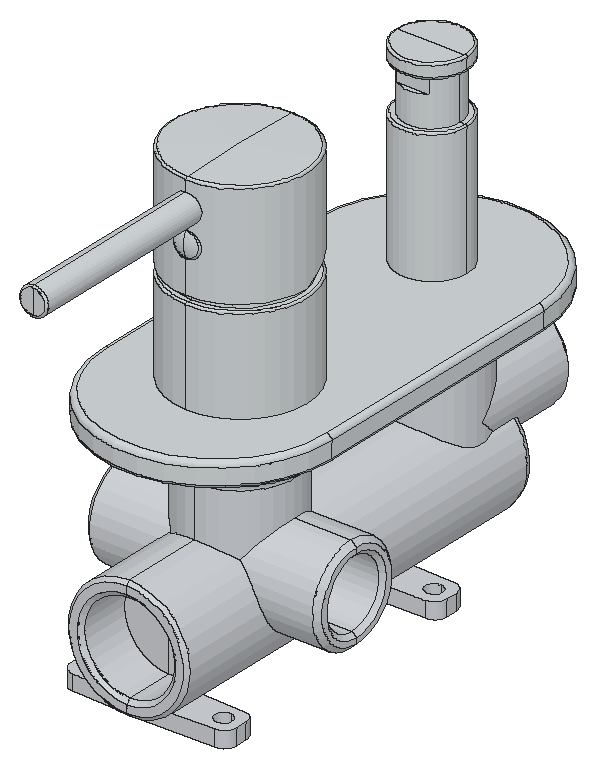
Revit family "Reece_Tap_Mizu_Drift_Shower Mixer_Diverter", category Plumbing Fixtures, host Face, Revit 2018
Family settings
  Host = Face
  Round Connector Dimension = Use Diameter
  Part Type = Normal
  Cut with Voids When Loaded = No
  Shared = Yes
  Room Calculation Point = Yes
Parameters (values of type "Brushed Nickel")
  WFU = 0  # constant formula
  URL = "https://www.reece.com.au/product/-2267408"
  Type Comments = "Tap"
  Reece_Tap_Outlet = 26 mm  # constant formula
  Reece_Tap_Inlet = 20 mm  # constant formula
  Reece_Product_Web Page = "https://www.reece.com.au/product/-2267408"
  Reece_Product_Type = "Tap"  # constant formula
  Reece_Product_Sub Brand = "Drift"  # constant formula
  Reece_Product_Number = "2267408"
  Reece_Product_Mount = "Wall Mounted"  # constant formula
  Reece_Product_Description = "Mizu Drift Shower Mixer with Diverter Kit Brushed Nickel"
  Reece_Product_Brand = "Mizu"  # constant formula
  Reece_Overall_Width = 65 mm  # constant formula
  Reece_Overall_Projection = 65.7 mm  # constant formula
  Reece_Overall_Height = 173 mm  # constant formula
  Reece_Material_Main = Reece_Brass_Brushed Nickel
  Reece_Detail_Installation = ""
  Reece_Detail_Disclaimer = "THIS FILE IS THE PROPERTY OF THE REECE GROUP. IT MAY NOT BE REPRODUCED, REVERSE-ENGINEERED, OR MODIFIED. ANY REPUBLICATION, TRANSMISSION, OR DISTRIBUTION FOR THE PURPOSE OF COMMERCIALLY EXPLOITING THE FILES IS PROHIBITED."  # constant formula
  Reece_Detail_Connector = ""
  Reece_Detail_Additional = "Diverter"  # constant formula
  Model = "Drift"
  Manufacturer = "Mizu"
  Keynote = "Product #2267408, Reece_Tap_Mizu_Drift_Shower Mixer_Diverter - Brushed Nickel"
  HWFU = 0  # constant formula
  Disclaimer = "THIS FILE IS THE PROPERTY OF THE REECE GROUP. IT MAY NOT BE REPRODUCED, REVERSE-ENGINEERED, OR MODIFIED. ANY REPUBLICATION, TRANSMISSION, OR DISTRIBUTION FOR THE PURPOSE OF COMMERCIALLY EXPLOITING THE FILES IS PROHIBITED."  # constant formula
  Description = "Mizu Drift Shower Mixer with Diverter Kit Brushed Nickel"
  Default Elevation = 1000 mm
  CWFU = 0  # constant formula
Types (5, lengths in mm): name | URL | Reece_Product_Web Page | Reece_Product_Number | Reece_Product_Description | Reece_Material_Main | Keynote | Description
  Brushed Nickel | "https://www.reece.com.au/product/-2267408" | "https://www.reece.com.au/product/-2267408" | "2267408" | "Mizu Drift Shower Mixer with Diverter Kit Brushed Nickel" | Reece_Brass_Brushed Nickel | "Product #2267408, Reece_Tap_Mizu_Drift_Shower Mixer_Diverter - Brushed Nickel" | "Mizu Drift Shower Mixer with Diverter Kit Brushed Nickel"
  Chrome | "https://www.reece.com.au/product/-2267406" | "https://www.reece.com.au/product/-2267406" | "2267406" | "Mizu Drift Shower Mixer with Diverter Kit Chrome" | Reece_Brass_Chrome | "Product #2267406, Reece_Tap_Mizu_Drift_Shower Mixer_Diverter - Chrome" | "Mizu Drift Shower Mixer with Diverter Kit Chrome"
  Matte Black | "https://www.reece.com.au/product/-2267407" | "https://www.reece.com.au/product/-2267407" | "2267407" | "Mizu Drift Shower Mixer with Diverter Kit Matte Black" | Reece_Brass_Matte Black | "Product #2267407, Reece_Tap_Mizu_Drift_Shower Mixer_Diverter - Matte Black" | "Mizu Drift Shower Mixer with Diverter Kit Matte Black"
  Brushed Gunmetal | "https://www.reece.com.au/product/-2267409" | "https://www.reece.com.au/product/-2267409" | "2267409" | "Mizu Drift Shower Mixer with Diverter Kit Brushed Gunmetal" | Reece_Brass_Brushed Gunmetal | "Product #2267409, Reece_Tap_Mizu_Drift_Shower Mixer_Diverter - Brushed Gunmetal" | "Mizu Drift Shower Mixer with Diverter Kit Brushed Gunmetal"
  Brushed Brass | "https://www.reece.com.au/product/-2267410" | "https://www.reece.com.au/product/-2267410" | "2267410" | "Mizu Drift Shower Mixer with Diverter Kit Brushed Brass" | Reece_Brass_Brushed | "Product #2267410, Reece_Tap_Mizu_Drift_Shower Mixer_Diverter - Brushed Brass" | "Mizu Drift Shower Mixer with Diverter Kit Brushed Brass"
Reference planes
  plane 1 "Center (Front/Back)": y = 0
  plane 2: z = 0
  plane 3 "Center (Left/Right)": x = 0
  plane 4: y = -29.5
  plane 5: z = 65.7
  plane 6: x = -32.5
  plane 7: x = 32.5
  plane 8: y = 70
  plane 9: y = -70
  plane 10: y = -103
Forms (mm)
  Revolve 1, solid, material "Reece_Brass_Brushed Nickel" <- "Reece_Material_Main"
    sketch origin (0.055, -29.5, -130.916) x (0.000194, 1, 0) y (0, 0, 1)
      loop
        arc (-18.5, 164.416) -> (-18.854, 164.27) -> (-19, 163.916) r 0.5
        line (-19, 163.916) -> (-19, 130.916) -> (0, 130.916) -> (0, 181.416)
        arc (0, 181.416) -> (-12.021, 176.437) -> (-17, 164.416) r 17
        line (-17, 164.416) -> (-18.5, 164.416)
      axis (0, 181.416) -> (0, 130.916)
    angle from 0 to 360
  Extrusion 2, void
    sketch origin (0.056, -23.873, 45.222) x (-0.000177, -0.91357, -0.406681) y (1, -0.000194, 0)
      loop
        line (39.237, 24.5) -> (-51.116, 24.5) -> (-51.116, -24.5) -> (39.237, -24.5) -> (39.237, 24.5)
    from -20.185 to -6.612
  Revolve 3, solid, material "Reece_Brass_Brushed Nickel" <- "Reece_Material_Main"
    sketch origin (0.055, -29.5, -118.637) x (0.000194, 1, 0) y (0, 0, 1)
      loop
        line (-73.215, 176.258) -> (-11.215, 176.258) -> (-11.215, 179.458) -> (-12.015, 180.258) -> (-72.715, 180.258)
        arc (-72.715, 180.258) -> (-73.069, 180.112) -> (-73.215, 179.758) r 0.5
        line (-73.215, 179.758) -> (-73.215, 176.258)
      axis (-11.215, 176.258) -> (-73.215, 176.258)
    angle from 0 to 360
  Revolve 4, solid, material "Reece_Brass_Brushed Nickel" <- "Reece_Material_Main"
    sketch origin (0.055, -29.5, -118.637) x (0.000194, 1, 0) y (0, 0, 1)
      loop
        arc (-18.424, 183.971) -> (-18.833, 183.787) -> (-19, 183.371) r 0.6
        line (-19, 183.371) -> (-19, 154.116) -> (-17.998, 154.116) -> (-17.5, 161.235) -> (-17.5, 164.116) -> (0, 164.116) -> (0, 184.337)
        arc (0, 184.337) -> (-9.214, 184.245) -> (-18.424, 183.971) r 466.11
      axis (0, 184.337) -> (0, 154.116)
    angle from 0 to 360
  Revolve 5, void
    sketch origin (0, 0, 0) x (0, -1, 0) y (0, 0, 1)
      loop
        line (-38.5, 11.25) -> (-54.5, 11.25) -> (-54.5, -48.75) -> (-38.5, -48.75) -> (-38.5, 11.25)
      axis (-38.5, -48.75) -> (-38.5, 11.25)
    angle from 0 to 360
  Revolve 6, solid, material "Reece_Brass_Brushed Nickel" <- "Reece_Material_Main"
    sketch origin (0.055, -28.588, -121.251) x (-0.000194, -1, 0) y (0, 0, -1)
      loop
        arc (19.269, -173.642) -> (19.651, -173.532) -> (19.915, -173.234) r 0.716
        arc (19.915, -173.234) -> (20.503, -171.536) -> (20.702, -169.75) r 8.104
        line (20.702, -169.75) -> (16.178, -169.75) -> (16.178, -173.642) -> (19.269, -173.642)
      axis (16.178, -169.75) -> (20.702, -169.75)
    angle from 0 to 360
  Revolve 7, void
    sketch origin (0.055, -28.588, -121.251) x (-0.000194, -1, 0) y (0, 0, -1)
      loop
        arc (20.458, -173.621) -> (20.84, -173.51) -> (21.104, -173.213) r 0.716
        arc (21.104, -173.213) -> (21.689, -171.525) -> (21.891, -169.75) r 8.104
        line (21.891, -169.75) -> (17.922, -169.75) -> (17.922, -173.621) -> (20.458, -173.621)
      axis (17.922, -169.75) -> (21.891, -169.75)
    angle from 0 to 360
  Extrusion 8, solid, material "Reece_Brass_Brushed Nickel" <- "Reece_Material_Main"
    sketch origin (0, 0, 0) x (0, -1, 0) y (1, 0, 0)
      loop
        arc (-37.5, 27.5) -> (-65, 0) -> (-37.5, -27.5) r 27.5
        line (-37.5, -27.5) -> (37.5, -27.5)
        arc (37.5, -27.5) -> (65, 0) -> (37.5, 27.5) r 27.5
        line (37.5, 27.5) -> (-37.5, 27.5)
      loop
        circle (29.5, 0.055) r 19
      loop
        circle (-38.5, 0) r 10
    from 0 to 6.5
  Sweep 9, solid, material "Reece_Brass_Brushed Nickel" <- "Reece_Material_Main"
    path origin (0, 0, 0) x (0, -1, 0) y (1, 0, 0)
      loop
        line (-37.5, -32.5) -> (37.5, -32.5)
        arc (37.5, -32.5) -> (70, 0) -> (37.5, 32.5) r 32.5
        line (37.5, 32.5) -> (-37.5, 32.5)
        arc (-37.5, 32.5) -> (-70, 0) -> (-37.5, -32.5) r 32.5
    profile origin (-32.5, 0, 0) x (1, 0, 0) y (0, 0, 1)
      loop
        line (0, 5) -> (0, 0.5)
        arc (0, 0.5) -> (0.146, 0.146) -> (0.5, 0) r 0.5
        line (0.5, 0) -> (5, 0) -> (5, 6.5) -> (1.5, 6.5)
        arc (1.5, 6.5) -> (0.439, 6.061) -> (0, 5) r 1.5
  Revolve 10, solid, material "Reece_Brass_Brushed Nickel" <- "Reece_Material_Main"
    sketch origin (38.5, 38.5, 0) x (-1, 0, 0) y (0, 0, 1)
      loop
        line (38.5, 61.621) -> (29, 61.621)
        arc (29, 61.621) -> (28.646, 61.475) -> (28.5, 61.121) r 0.5
        line (28.5, 61.121) -> (28.5, 58.121)
        arc (28.5, 58.121) -> (28.646, 57.768) -> (29, 57.621) r 0.5
        line (29, 57.621) -> (30, 57.621)
        arc (30, 57.621) -> (30.354, 57.475) -> (30.5, 57.121) r 0.5
        line (30.5, 57.121) -> (30.5, 43.971) -> (29, 43.971)
        arc (29, 43.971) -> (28.646, 43.825) -> (28.5, 43.471) r 0.5
        line (28.5, 43.471) -> (28.5, 0) -> (38.5, 0) -> (38.5, 61.621)
      axis (38.5, 0) -> (38.5, 61.621)
    angle from 0 to 360
  Extrusion 11, void
    sketch origin (38.5, 38.5, 9.471) x (-1, 0, 0) y (0, 0, 1)
      loop
        line (43.164, 43.15) -> (43.164, 48.15) -> (33.836, 48.15) -> (33.836, 43.15) -> (43.164, 43.15)
    from 6.5 to 12
  Extrusion 12, void
    sketch origin (38.5, 38.5, 9.471) x (-1, 0, 0) y (0, 0, -1)
      loop
        line (43.164, -43.15) -> (33.836, -43.15) -> (33.836, -48.15) -> (43.164, -48.15) -> (43.164, -43.15)
    from 6.5 to 12
  Revolve 13, solid
    sketch origin (0, -12.5, 5) x (0, 1, 0) y (0, 0, -1)
      loop
        line (68, 35) -> (68, 44.75) -> (81.8, 44.75) -> (83, 45.95) -> (83, 47.75) -> (81.5, 49.25) -> (51, 49.25) -> (51, 35) -> (68, 35)
      axis (83, 35) -> (51, 35)
    angle from 0 to 360
  Revolve 14, solid
    sketch origin (0, -11.5, 0) x (0, -1, 0) y (0, 0, 1)
      loop
        line (-50, 0) -> (-50, -48.75) -> (-35.75, -48.75) -> (-35.75, -15.5)
        arc (-35.75, -15.5) -> (-34.475, -14.393) -> (-34, -12.773) r 3
        line (-34, -12.773) -> (-34, -8.5) -> (-35, -7.5) -> (-38.85, -7.5) -> (-38.85, 0) -> (-50, 0)
      axis (-50, -48.75) -> (-50, 0)
    angle from 0 to 360
  Extrusion 15, solid
    sketch origin (0, -33.75, -12.75) x (0, -1, 0) y (1, 0, 0)
      loop
        line (-44.179, 0) -> (-44.882, 20.122)
        arc (-44.882, 20.122) -> (-45.949, 22.518) -> (-48.38, 23.5) r 3.5
        line (-48.38, 23.5) -> (-51.62, 23.5)
        arc (-51.62, 23.5) -> (-54.051, 22.518) -> (-55.118, 20.122) r 3.5
        line (-55.118, 20.122) -> (-55.821, 0) -> (-55.118, -20.122)
        arc (-55.118, -20.122) -> (-54.051, -22.518) -> (-51.62, -23.5) r 3.5
        line (-51.62, -23.5) -> (-48.38, -23.5)
        arc (-48.38, -23.5) -> (-45.949, -22.518) -> (-44.882, -20.122) r 3.5
        line (-44.882, -20.122) -> (-44.179, 0)
      loop
        circle (-50, 18.5) r 2.5
      loop
        circle (-50, -18.5) r 2.5
    from -52.75 to -48.3
  Revolve 16, solid
    sketch origin (0, -12.089, -13.5) x (0, -1, 0) y (0, 0, 1)
      loop
        line (-62.839, -49) -> (56.411, -49) -> (57.411, -48) -> (57.411, -45.7) -> (56.211, -44.5) -> (42.411, -44.5) -> (42.411, -31.75) -> (-64.839, -31.75) -> (-64.839, -47)
        arc (-64.839, -47) -> (-64.253, -48.414) -> (-62.839, -49) r 2
      axis (57.411, -31.75) -> (-64.839, -31.75)
    angle from 0 to 360
  Revolve 17, solid
    sketch origin (7.086, -29.504, -37.45) x (-1, 0, 0) y (0, 0, 1)
      loop
        line (8.163, -13.75) -> (38.586, -13.75) -> (40.086, -12.25) -> (40.086, -10.7) -> (38.886, -9.5) -> (25.086, -9.5) -> (25.086, 0) -> (8.163, 0) -> (8.163, -13.75)
      axis (8.163, 0) -> (40.086, 0)
    angle from 0 to 360
  Revolve 18, solid
    sketch origin (0, 0, 0) x (0, 1, 0) y (0, 0, 1)
      loop
        line (-48.5, -8) -> (-49.5, -8) -> (-49.5, -9.175)
        arc (-49.5, -9.175) -> (-49.09, -10.205) -> (-48.083, -10.672) r 1.5
        arc (-48.083, -10.672) -> (-46.071, -11.606) -> (-45.25, -13.668) r 3
        line (-45.25, -13.668) -> (-45.25, -37.25) -> (-29.5, -37.25) -> (-29.5, -0.7) -> (-48.5, -0.7) -> (-48.5, -8)
      axis (-29.5, -37.25) -> (-29.5, -0.7)
    angle from 0 to 360
  Extrusion 19, solid
    sketch origin (0, -108.25, -12.75) x (0, -1, 0) y (1, 0, 0)
      loop
        line (-44.179, 0) -> (-44.882, 20.122)
        arc (-44.882, 20.122) -> (-45.949, 22.518) -> (-48.38, 23.5) r 3.5
        line (-48.38, 23.5) -> (-51.62, 23.5)
        arc (-51.62, 23.5) -> (-54.051, 22.518) -> (-55.118, 20.122) r 3.5
        line (-55.118, 20.122) -> (-55.821, 0) -> (-55.118, -20.122)
        arc (-55.118, -20.122) -> (-54.051, -22.518) -> (-51.62, -23.5) r 3.5
        line (-51.62, -23.5) -> (-48.38, -23.5)
        arc (-48.38, -23.5) -> (-45.949, -22.518) -> (-44.882, -20.122) r 3.5
        line (-44.882, -20.122) -> (-44.179, 0)
      loop
        circle (-50, 18.5) r 2.5
      loop
        circle (-50, -18.5) r 2.5
    from -52.75 to -48.3
  Revolve 20, solid
    sketch origin (-6.975, -29.502, -37.45) x (1, -0.000388, 0) y (0, 0, -1)
      loop
        line (8.163, 13.75) -> (8.163, 0) -> (25.086, 0) -> (25.086, 9.5) -> (38.886, 9.5) -> (40.086, 10.7) -> (40.086, 12.25) -> (38.586, 13.75) -> (8.163, 13.75)
      axis (8.163, 0) -> (40.086, 0)
    angle from 0 to 360
  Revolve 21, void
    sketch origin (0, 0, 0) x (0, 1, 0) y (0, 0, 1)
      loop
        line (-49.5, 6.5) -> (-49.5, -37.25) -> (-29.5, -37.25) -> (-29.5, 6.5) -> (-49.5, 6.5)
      axis (-29.5, 6.5) -> (-29.5, -37.25)
    angle from 0 to 360
Cuts and joins
  Extrusion 2, Revolve 7 cuts Revolve 4
  joined: Revolve 3, Revolve 4
  Extrusion 11, Extrusion 12 cuts Revolve 10
  joined: Extrusion 8, Sweep 9
  joined: Revolve 13, Revolve 14, Extrusion 15, Revolve 16, Revolve 17, Revolve 18, Extrusion 19, Revolve 20
Lines and regions (mm)
  reference lines
    curve 1: line (0.05, -57.169, 23.162) -> (0.064, 13.817, 54.762)
Text (mm)
  text "Reece Copyright © 2018, Reece Ltd." at (-372.385, -195.021, 0), in view "Ref. Level"
  text "Reece ©" at (68.468, 181.317, 90.629), in view "Reece Preview"
Dimensions and locks
  Revolve 1 sketch curve to Revolve 1 sketch curve = 19 mm
  Extrusion 2 sketch curve to Extrusion 2 sketch curve = 49 mm
  locked: Revolve 3 sketch curve to Revolve 3 sketch curve at 4
  "Reece_Overall_Projection": plane 5 to level
  "Reece_Overall_Width": plane 6 to plane 7
  "Reece_Overall_Height": plane 10 to plane 8
  aligned and locked: plane 2 to host face
  aligned and locked: level to host face
Automatic sketch dimensions
  host sketch curve to host sketch curve = 380.785 mm
  host sketch curve to host sketch curve = 317.421 mm
  Revolve 1 sketch curve to level = 0 mm
  Revolve 1 sketch curve to Revolve 1 sketch curve = 0.5 mm
  Revolve 1 sketch curve to Revolve 1 sketch curve = 1.5 mm
  Revolve 1 sketch curve to Revolve 1 sketch curve = 17 mm
  Revolve 1 sketch curve to plane 5 = 32.7 mm
  Revolve 1 sketch curve to Revolve 1 sketch curve = 471.726 mm
  plane 5 to Revolve 1 sketch curve = 2276.254 mm
  Extrusion 2 sketch curve to Extrusion 2 sketch curve = 90.354 mm
  Revolve 3 sketch curve to plane 5 = 8.079 mm
  Revolve 3 sketch curve to Revolve 3 sketch curve = 0.5 mm
  Revolve 3 sketch curve to Revolve 3 sketch curve = 60.7 mm
  Revolve 3 sketch curve to Revolve 3 sketch curve = 0.8 mm  (x2)
  Revolve 3 sketch curve to Revolve 3 sketch curve = 1.412 mm
  Revolve 3 sketch curve to Revolve 3 sketch curve = 11.402 mm
  Revolve 3 sketch curve to Revolve 3 sketch curve = 0 mm
  Revolve 4 sketch curve to plane 5 = 0 mm
  Revolve 4 sketch curve to plane 5 = 30.221 mm
  Revolve 4 sketch curve to Revolve 4 sketch curve = 0.6 mm
  Revolve 4 sketch curve to Revolve 4 sketch curve = 1.002 mm
  Revolve 4 sketch curve to Revolve 4 sketch curve = 0.498 mm
  Revolve 4 sketch curve to Revolve 4 sketch curve = 18.4 mm
  Revolve 4 sketch curve to Revolve 4 sketch curve = 18.053 mm
  Revolve 4 sketch curve to level = 400.41 mm
  Revolve 4 sketch curve to Revolve 4 sketch curve = 7.119 mm
  Revolve 4 sketch curve to Revolve 4 sketch curve = 2.881 mm
  Revolve 4 sketch curve to plane 5 = 0.966 mm
  Revolve 4 sketch curve to Revolve 4 sketch curve = 0.055 mm
  Revolve 4 sketch curve to Revolve 4 sketch curve = 59.037 mm
  Revolve 4 sketch curve to Revolve 4 sketch curve = 2237.527 mm
  Revolve 5 sketch curve to plane 1 "Center (Front/Back)" = 54.5 mm
  Revolve 5 sketch curve to Revolve 5 sketch curve = 16 mm
  Revolve 5 sketch curve to level = 48.75 mm
  level to Revolve 5 sketch curve = 11.25 mm
  Revolve 5 sketch curve to Revolve 5 sketch curve = 0 mm
  Revolve 5 sketch curve to Revolve 5 sketch curve = 17.25 mm
  Revolve 5 sketch curve to level = 4.525 mm
  Revolve 6 sketch curve to plane 5 = 17.201 mm
  Revolve 6 sketch curve to Revolve 6 sketch curve = 3.58 mm
  Revolve 6 sketch curve to Revolve 6 sketch curve = 3.091 mm
  Revolve 6 sketch curve to Revolve 6 sketch curve = 1.433 mm
  Revolve 6 sketch curve to Revolve 6 sketch curve = 3.177 mm
  Revolve 6 sketch curve to Revolve 6 sketch curve = 0.716 mm
  Revolve 6 sketch curve to Revolve 6 sketch curve = 0.925 mm
  Revolve 6 sketch curve to Revolve 6 sketch curve = 4.804 mm
  Revolve 6 sketch curve to Revolve 6 sketch curve = 0 mm
  Revolve 7 sketch curve to plane 5 = 17.223 mm
  Revolve 7 sketch curve to Revolve 7 sketch curve = 4.135 mm
  Revolve 7 sketch curve to Revolve 7 sketch curve = 2.536 mm
  Revolve 7 sketch curve to Revolve 7 sketch curve = 1.433 mm
  Revolve 7 sketch curve to Revolve 7 sketch curve = 0.021 mm  (x2)
  Revolve 7 sketch curve to Revolve 7 sketch curve = 3.155 mm
  Revolve 7 sketch curve to Revolve 7 sketch curve = 0.716 mm
  Revolve 7 sketch curve to Revolve 7 sketch curve = 0.264 mm
  Revolve 7 sketch curve to Revolve 7 sketch curve = 3.615 mm
  Extrusion 8 sketch curve to Extrusion 8 sketch curve = 0 mm  (x4)
  Extrusion 8 sketch curve to plane 3 "Center (Left/Right)" = 0 mm  (x2)
  plane 4 to Extrusion 8 sketch curve = 0 mm
  Extrusion 8 sketch curve to plane 1 "Center (Front/Back)" = 37.5 mm
  Extrusion 8 sketch curve to Extrusion 8 sketch curve = 1 mm
  plane 4 to Extrusion 8 sketch curve = 8 mm
  plane 6 to Extrusion 8 sketch curve = 5 mm
  plane 3 "Center (Left/Right)" to Extrusion 8 sketch curve = 0.055 mm
  Extrusion 8 sketch curve to Extrusion 8 sketch curve = 9 mm
  Extrusion 8 sketch curve to Extrusion 8 sketch curve = 8.556 mm
  Sweep 9 sketch curve to plane 7 = 0 mm  (x3)
  Sweep 9 sketch curve to plane 6 = 0 mm
  Sweep 9 sketch curve to plane 1 "Center (Front/Back)" = 37.5 mm
  plane 4 to Sweep 9 sketch curve = 8 mm
  Sweep 9 sketch curve to Sweep 9 sketch curve = 0 mm  (x2)
  profile plane to Sweep 9 sketch curve = 0 mm
  Sweep 9 sketch curve to level = 0 mm
  Sweep 9 sketch curve to profile plane = 0.5 mm
  Sweep 9 sketch curve to profile plane = 1.5 mm
  Sweep 9 sketch curve to Sweep 9 sketch curve = 3.5 mm
  Sweep 9 sketch curve to Sweep 9 sketch curve = 4.5 mm
  Revolve 10 sketch curve to level = 0 mm
  Revolve 10 sketch curve to plane 3 "Center (Left/Right)" = 0 mm  (x2)
  plane 3 "Center (Left/Right)" to Revolve 10 sketch curve = 8 mm
  Revolve 10 sketch curve to Revolve 10 sketch curve = 0.5 mm  (x3)
  Revolve 10 sketch curve to Revolve 10 sketch curve = 1.5 mm
  Revolve 10 sketch curve to Revolve 10 sketch curve = 1 mm
  Revolve 10 sketch curve to Revolve 10 sketch curve = 0 mm
  Revolve 10 sketch curve to plane 5 = 22.229 mm
  Revolve 10 sketch curve to plane 5 = 8.579 mm
  Revolve 10 sketch curve to Revolve 10 sketch curve = 3 mm
  Revolve 10 sketch curve to Revolve 10 sketch curve = 52.868 mm
  Revolve 10 sketch curve to Revolve 10 sketch curve = 8.471 mm
  plane 3 "Center (Left/Right)" to Extrusion 11 sketch curve = 4.664 mm
  Extrusion 11 sketch curve to plane 3 "Center (Left/Right)" = 4.664 mm
  Extrusion 11 sketch curve to plane 5 = 13.079 mm
  Extrusion 11 sketch curve to Extrusion 11 sketch curve = 5 mm
  plane 3 "Center (Left/Right)" to Extrusion 12 sketch curve = 4.664 mm
  Extrusion 12 sketch curve to plane 3 "Center (Left/Right)" = 4.664 mm
  Extrusion 12 sketch curve to plane 5 = 8.079 mm
  Extrusion 12 sketch curve to Extrusion 12 sketch curve = 5 mm
  Revolve 13 sketch curve to plane 1 "Center (Front/Back)" = 38.5 mm
  Revolve 13 sketch curve to Revolve 13 sketch curve = 17 mm
  Revolve 13 sketch curve to Revolve 13 sketch curve = 13.5 mm
  Revolve 13 sketch curve to Revolve 13 sketch curve = 0.3 mm
  Revolve 13 sketch curve to Revolve 13 sketch curve = 1.5 mm  (x2)
  Revolve 13 sketch curve to level = 30 mm
  Revolve 13 sketch curve to Revolve 13 sketch curve = 9.75 mm
  Revolve 13 sketch curve to Revolve 13 sketch curve = 1.2 mm
  Revolve 13 sketch curve to Revolve 13 sketch curve = 1.8 mm
  Revolve 13 sketch curve to Revolve 13 sketch curve = 14.25 mm
  Revolve 13 sketch curve to Revolve 13 sketch curve = 4.663 mm
  Revolve 13 sketch curve to Revolve 13 sketch curve = 25.491 mm
  Revolve 13 sketch curve to Revolve 13 sketch curve = 10.95 mm
  Revolve 14 sketch curve to level = 0 mm
  Revolve 14 sketch curve to plane 1 "Center (Front/Back)" = 38.5 mm
  Revolve 14 sketch curve to Revolve 14 sketch curve = 11.15 mm
  Revolve 14 sketch curve to Revolve 14 sketch curve = 1.85 mm
  Revolve 14 sketch curve to Revolve 14 sketch curve = 1.25 mm
  Revolve 14 sketch curve to level = 7.5 mm
  Revolve 14 sketch curve to Revolve 14 sketch curve = 3.85 mm
  Revolve 14 sketch curve to Revolve 14 sketch curve = 3 mm
  Revolve 14 sketch curve to Revolve 14 sketch curve = 1 mm
  Revolve 14 sketch curve to Revolve 14 sketch curve = 4.273 mm
  Revolve 14 sketch curve to Revolve 14 sketch curve = 33.25 mm
  Revolve 14 sketch curve to Revolve 14 sketch curve = 0 mm
  Revolve 14 sketch curve to Revolve 14 sketch curve = 17.25 mm
  Revolve 14 sketch curve to level = 4.525 mm
  Extrusion 15 sketch curve to plane 3 "Center (Left/Right)" = 0 mm  (x2)
  Extrusion 15 sketch curve to plane 1 "Center (Front/Back)" = 22.071 mm
  Extrusion 15 sketch curve to Extrusion 15 sketch curve = 0.703 mm  (x2)
  plane 6 to Extrusion 15 sketch curve = 12.378 mm
  Extrusion 15 sketch curve to Extrusion 15 sketch curve = 3.498 mm  (x4)
  Extrusion 15 sketch curve to Extrusion 15 sketch curve = 1.62 mm  (x2)
  Extrusion 15 sketch curve to Extrusion 15 sketch curve = 3.24 mm  (x2)
  Extrusion 15 sketch curve to plane 1 "Center (Front/Back)" = 10.429 mm
  Extrusion 15 sketch curve to Extrusion 15 sketch curve = 3.378 mm  (x2)
  Extrusion 15 sketch curve to Extrusion 15 sketch curve = 1.5 mm  (x3)
  plane 7 to Extrusion 15 sketch curve = 14 mm
  Extrusion 15 sketch curve to Extrusion 15 sketch curve = 0.122 mm
  Revolve 16 sketch curve to plane 1 "Center (Front/Back)" = 52.75 mm
  Revolve 16 sketch curve to Revolve 16 sketch curve = 2 mm
  Revolve 16 sketch curve to Revolve 16 sketch curve = 0 mm
  plane 4 to Revolve 16 sketch curve = 25 mm
  Revolve 16 sketch curve to Revolve 16 sketch curve = 13.8 mm
  Revolve 16 sketch curve to Revolve 16 sketch curve = 0.2 mm
  Revolve 16 sketch curve to Revolve 16 sketch curve = 1.2 mm
  Revolve 16 sketch curve to level = 62.5 mm  (x2)
  Revolve 16 sketch curve to Revolve 16 sketch curve = 1 mm
  Revolve 16 sketch curve to Revolve 16 sketch curve = 2.3 mm
  Revolve 16 sketch curve to Revolve 16 sketch curve = 4.5 mm
  Revolve 16 sketch curve to Revolve 16 sketch curve = 15.25 mm
  Revolve 16 sketch curve to Revolve 16 sketch curve = 0.549 mm
  Revolve 16 sketch curve to Revolve 16 sketch curve = 52.828 mm
  Revolve 16 sketch curve to Revolve 16 sketch curve = 12.75 mm
  Revolve 17 sketch curve to plane 3 "Center (Left/Right)" = 1.078 mm
  plane 6 to Revolve 17 sketch curve = 14.5 mm
  plane 6 to Revolve 17 sketch curve = 1 mm
  plane 6 to Revolve 17 sketch curve = 0.7 mm
  Revolve 17 sketch curve to plane 6 = 0.5 mm
  Revolve 17 sketch curve to level = 51.2 mm
  Revolve 17 sketch curve to Revolve 17 sketch curve = 1.5 mm
  Revolve 17 sketch curve to Revolve 17 sketch curve = 1.55 mm
  Revolve 17 sketch curve to Revolve 17 sketch curve = 4.25 mm
  Revolve 17 sketch curve to Revolve 17 sketch curve = 9.5 mm  (x2)
  plane 3 "Center (Left/Right)" to Revolve 17 sketch curve = 7.086 mm
  Revolve 17 sketch curve to plane 6 = 0.414 mm
  Revolve 18 sketch curve to plane 4 = 0 mm  (x2)
  plane 4 to Revolve 18 sketch curve = 15.75 mm
  Revolve 18 sketch curve to Revolve 18 sketch curve = 2.75 mm
  Revolve 18 sketch curve to Revolve 18 sketch curve = 3 mm
  Revolve 18 sketch curve to level = 0.7 mm
  Revolve 18 sketch curve to Revolve 18 sketch curve = 0.5 mm
  Revolve 18 sketch curve to Revolve 18 sketch curve = 1 mm
  Revolve 18 sketch curve to Revolve 18 sketch curve = 7.3 mm
  Revolve 18 sketch curve to Revolve 18 sketch curve = 1.175 mm
  Revolve 18 sketch curve to Revolve 18 sketch curve = 4.493 mm
  Revolve 18 sketch curve to Revolve 18 sketch curve = 23.582 mm
  Revolve 18 sketch curve to Revolve 18 sketch curve = 4.587 mm
  level to Revolve 18 sketch curve = 9.08 mm
  Extrusion 19 sketch curve to plane 3 "Center (Left/Right)" = 0 mm  (x2)
  plane 4 to Extrusion 19 sketch curve = 22.929 mm
  Extrusion 19 sketch curve to Extrusion 19 sketch curve = 0.703 mm  (x2)
  plane 6 to Extrusion 19 sketch curve = 12.378 mm  (x2)
  Extrusion 19 sketch curve to Extrusion 19 sketch curve = 3.498 mm  (x4)
  Extrusion 19 sketch curve to Extrusion 19 sketch curve = 1.62 mm  (x2)
  Extrusion 19 sketch curve to Extrusion 19 sketch curve = 3.24 mm  (x2)
  plane 7 to Extrusion 19 sketch curve = 12.378 mm
  Extrusion 19 sketch curve to Extrusion 19 sketch curve = 11.641 mm
  Extrusion 19 sketch curve to Extrusion 19 sketch curve = 3.378 mm
  Extrusion 19 sketch curve to Extrusion 19 sketch curve = 1.5 mm  (x3)
  Extrusion 19 sketch curve to Extrusion 19 sketch curve = 1.622 mm
  Revolve 20 sketch curve to level = 51.2 mm
  Revolve 20 sketch curve to Revolve 20 sketch curve = 16.922 mm
  Revolve 20 sketch curve to Revolve 20 sketch curve = 13.5 mm
  Revolve 20 sketch curve to level = 46.95 mm
  Revolve 20 sketch curve to Revolve 20 sketch curve = 0.3 mm
  Revolve 20 sketch curve to Revolve 20 sketch curve = 1.5 mm
  Revolve 20 sketch curve to Revolve 20 sketch curve = 13.75 mm
  Revolve 20 sketch curve to Revolve 20 sketch curve = 1.2 mm
  Revolve 20 sketch curve to Revolve 20 sketch curve = 1.55 mm
  Revolve 20 sketch curve to Revolve 20 sketch curve = 8.163 mm
  Revolve 20 sketch curve to Revolve 20 sketch curve = 1.114 mm
  Revolve 20 sketch curve to Revolve 20 sketch curve = 9.5 mm
  Revolve 21 sketch curve to plane 4 = 0 mm  (x2)
  level to Revolve 21 sketch curve = 6.5 mm
  plane 4 to Revolve 21 sketch curve = 20 mm
  Revolve 21 sketch curve to level = 37.25 mm
  Revolve 21 sketch curve to Revolve 21 sketch curve = 0 mm
  Revolve 21 sketch curve to plane 5 = 10.29 mm
  level to curve 1 = 23.162 mm
  curve 1 to plane 5 = 10.938 mm
  curve 1 to curve 1 = 70.986 mm
  radius of Extrusion 15 sketch curve = 2.5 mm  (x2)
  radius of Extrusion 19 sketch curve = 2.5 mm  (x2)
Connectors
  piping at (0, -54.5, -45.25), diameter 26, driven by "Reece_Tap_Outlet"
    settings: on cut or joined group of Revolve 13, Revolve 14, Extrusion 15, Revolve 16, Revolve 17, Revolve 18, Extrusion 19, Revolve 20, index 1, connector inside diameter 609.6 mm, connector length 0 mm, flow factor 0, pipe flow 0.0 L/s, pressure drop 0.0 Pa, fitting loss kfactor 0, connector angle 0.00°, fixture units 0, engagement length 0 mm, angle of deflection 0.00°, flow configuration 0, flow direction 2, fitting loss method 0, system type 7, joint type 0, gender type 0, connector reference index -1, connector utility 0, adjustable connector no, is connector primary yes, connector description ""
  piping at (0, 55.5, -30), diameter 26, driven by "Reece_Tap_Outlet"
    settings: on cut or joined group of Revolve 13, Revolve 14, Extrusion 15, Revolve 16, Revolve 17, Revolve 18, Extrusion 19, Revolve 20, index 2, connector inside diameter 609.6 mm, connector length 0 mm, flow factor 0, pipe flow 0.0 L/s, pressure drop 0.0 Pa, fitting loss kfactor 0, connector angle 0.00°, fixture units 0, engagement length 0 mm, angle of deflection 0.00°, flow configuration 0, flow direction 2, fitting loss method 0, system type 7, joint type 0, gender type 0, connector reference index -1, connector utility 0, adjustable connector no, is connector primary no, connector description ""
  piping at (-18, -29.504, -37.45), diameter 20, driven by "Reece_Tap_Inlet"
    settings: on cut or joined group of Revolve 13, Revolve 14, Extrusion 15, Revolve 16, Revolve 17, Revolve 18, Extrusion 19, Revolve 20, index 3, connector inside diameter 609.6 mm, connector length 0 mm, flow factor 0, pipe flow 0.0 L/s, pressure drop 0.0 Pa, fitting loss kfactor 0, connector angle 0.00°, fixture units 0, engagement length 0 mm, angle of deflection 0.00°, flow configuration 0, flow direction 1, fitting loss method 0, system type 7, joint type 0, gender type 0, connector reference index -1, connector utility 0, adjustable connector no, is connector primary no, connector description ""
  piping at (18.111, -29.511, -37.45), diameter 20, driven by "Reece_Tap_Inlet"
    settings: on cut or joined group of Revolve 13, Revolve 14, Extrusion 15, Revolve 16, Revolve 17, Revolve 18, Extrusion 19, Revolve 20, index 4, connector inside diameter 609.6 mm, connector length 0 mm, flow factor 0, pipe flow 0.0 L/s, pressure drop 0.0 Pa, fitting loss kfactor 0, connector angle 0.00°, fixture units 0, engagement length 0 mm, angle of deflection 0.00°, flow configuration 0, flow direction 1, fitting loss method 0, system type 7, joint type 0, gender type 0, connector reference index -1, connector utility 0, adjustable connector no, is connector primary no, connector description ""
